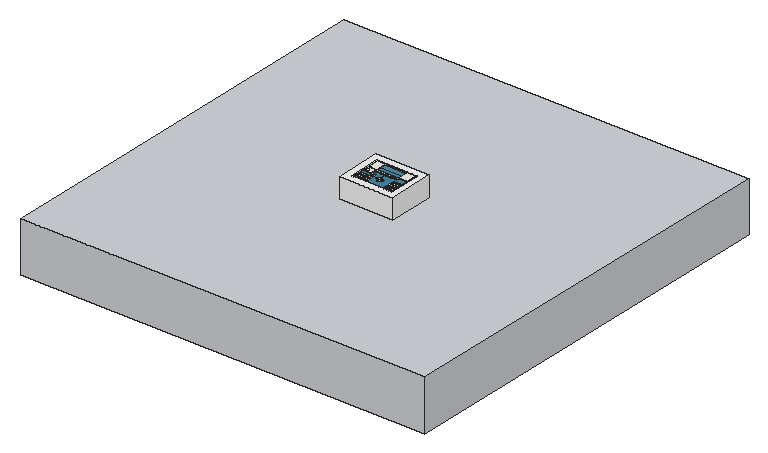
Revit family "Central algorítmica_Aguilera Electronica", category Equipos eléctricos, Revit 2017
Family settings
  Anfitrión = Cara
  Configuración de panel = Una columna
  Cota de conector redondo = Diámetro de uso
  Tipo de pieza = Cuadro de control
  Número OmniClass = 23.85.30.21.11.14
  Título OmniClass = Alarm Panels
  Corte con vacíos al cargar = No
  Compartido = No
  Punto de cálculo de habitación = No
Parameters (values of type "Central algorítmica de 1 bucle")
  Voltage = ""
  URL = "http://aguilera.es/?productos=central-de-1-bucle"
  Símbolo texto modelo = yes
  Símbolo = yes
  Potencia aparente = 460 VA
  Modelo = "AE/SA-C1"
  Potencial eléctrico = 230 V
  Fondo = 123 mm
  Fabricante = "Aguilera Electrónica"  # constant formula
  Elevación por defecto = 1200 mm
  Diámetro tubo = 20 mm
  Descripción = "Central inteligente de control de incendios con capacidad para 1 bucle de 125 equipos, al que se conectan los detectores, pulsadores, módulos de maniobras, de control y demás elementos que configuran la instalación.\r\nFuente de alimentación conmutada de 27.2 Vcc 2 A.\r\nCargador de baterías de emergencia.\r\nCapacidad para alojar dos baterías de 12V / 7 Ah.\r\nMedidas: Alto 274 - Ancho 322 Fondo 123 mm"
  Código de montaje = "D5030700"
  Comentarios de tipo = "• Dispone de 1 bucle de 125 equipos, al que se conectan los detectores, pulsadores, módulos de control\r\nde maniobras, y demás elementos que configuran la instalación.\r\n• Fuente de alimentación conmutada de 27.2 Vcc 2 A. Cargador de baterías de emergencia.\r\n• Capacidad para dos baterías de 12V / 7 Ah. Medidas: Alto 274 - Ancho 322 – Fondo 123 mm"
  Ancho = 322 mm
  Alto = 274 mm
Types (4, lengths in mm): name | URL | Potencia aparente | Modelo | Fondo | Descripción | Código de montaje | Comentarios de tipo | Ancho | Alto
  (no name) | "http://aguilera.es/?productos=central-de-1-bucle" | 460 VA | "AE/SA-C1" | 123 | "Central inteligente de control de incendios con capacidad para 1 bucle de 125 equipos, al que se conectan los detectores, pulsadores, módulos de maniobras, de control y demás elementos que configuran la instalación.\r\nFuente de alimentación conmutada de 27.2 Vcc 2 A.\r\nCargador de baterías de emergencia.\r\nCapacidad para alojar dos baterías de 12V / 7 Ah.\r\nMedidas: Alto 274 - Ancho 322 Fondo 123 mm" | "D5030700" | "• Dispone de 1 bucle de 125 equipos, al que se conectan los detectores, pulsadores, módulos de control\r\nde maniobras, y demás elementos que configuran la instalación.\r\n• Fuente de alimentación conmutada de 27.2 Vcc 2 A. Cargador de baterías de emergencia.\r\n• Capacidad para dos baterías de 12V / 7 Ah. Medidas: Alto 274 - Ancho 322 – Fondo 123 mm" | 322 | 274
  Central algorítmica de 1 bucle | "http://aguilera.es/?productos=central-de-1-bucle" | 460 VA | "AE/SA-C1" | 123 | "Central inteligente de control de incendios con capacidad para 1 bucle de 125 equipos, al que se conectan los detectores, pulsadores, módulos de maniobras, de control y demás elementos que configuran la instalación.\r\nFuente de alimentación conmutada de 27.2 Vcc 2 A.\r\nCargador de baterías de emergencia.\r\nCapacidad para alojar dos baterías de 12V / 7 Ah.\r\nMedidas: Alto 274 - Ancho 322 Fondo 123 mm" | "D5030700" | "• Dispone de 1 bucle de 125 equipos, al que se conectan los detectores, pulsadores, módulos de control\r\nde maniobras, y demás elementos que configuran la instalación.\r\n• Fuente de alimentación conmutada de 27.2 Vcc 2 A. Cargador de baterías de emergencia.\r\n• Capacidad para dos baterías de 12V / 7 Ah. Medidas: Alto 274 - Ancho 322 – Fondo 123 mm" | 322 | 274
  Central algorítmica de 2 bucles | "http://aguilera.es/?productos=central-de-2-bucles-a-2-hilos" | 920 VA | "AE/SA-C2" | 120 | "Central inteligente de control de incendios con capacidad para una tarjeta AE/SA-CTL de 2 blucles de 125 equipos cada uno, a los que se conectan los detectores, pulsadores, módulos de maniobras, de control y demás elementos que configuran la instalación. Capacidad de control de 250 equipos.\r\nFuente de alimentación conmutada de 27.2 Vcc 4 A.\r\nCargador de baterías de emergencia.\r\nCapacidad para alojar en su interior dos baterías de 12V / 7 Ah.\r\nMedidas: Alto 410 Ancho 310 - Fondo 120 mm." | 0 | "• Provista de una tarjeta AE/SA-CTL de 2 blucles de 125 equipos cada uno, a los que se conectan los detectores,\r\npulsadores, módulos de maniobras, de control y demás elementos que configuran la instalación. Capacidad\r\nde control de hasta 250 equipos.\r\n• Fuente de alimentación conmutada de 27.2 Vcc 4 A. Cargador de baterías de emergencia.\r\n• Capacidad para dos baterías de 12V / 7 Ah. Medidas: Alto 410 – Ancho 310 - Fondo 120 mm" | 310 | 410
  Central algorítmica de 8 bucles | "http://aguilera.es/?productos=centrales-de-2-bucles-a-2-hilos" | 920 VA | "AE/SA-C8" | 145 | "Central inteligente de control de incendios con bus para la conexión de 1 a 4 tarjetas AE/SA-CTL. Cada tarjeta controla dos bucles algorítmicos bidireccionales, con capacidad de 125 equipos cada uno, a los que se conectan los detectores, pulsadores, módulos de maniobras, de control y demás elementos que configuran la instalación.\r\nLa capacidad de control de la central se eleva a 1000 equipos, que dependiendo del tipo puede significar el control de más de 3000 puntos independientes. Para cada 250 equipos la central dispone de un microprocesador independiente. Fuente de alimentación conmutada independiente de 27,2 Vcc 4 A.\r\nCargador de baterías de emergencia. La central dispone de capacidad para alojar en su interior dos baterías de 12V / 17 Ah.\r\nMedidas: Alto 500 Ancho 390 Fondo 145 mm\r\nIncluye Tarjeta de bucles." | 0 | "Central inteligente de control de incendios con bus para la conexión de 1 a 4 tarjetas AE/SA-CTL. Cada tarjeta\r\ncontrola dos bucles algorítmicos bidireccionales, con capacidad de 125 equipos cada uno, a los que se\r\nconectan los detectores, pulsadores, módulos de maniobras, de control y demás elementos que configuran\r\nla instalación.\r\n• Capacidad de control de hasta 1000 equipos, que dependiendo del tipo puede significar el control de más\r\nde 3000 puntos independientes. Para cada 250 equipos la central dispone de un microprocesador independiente.\r\n• Fuente de alimentación conmutada independiente de 27,2 Vcc 4 A.\r\n• Cargador de baterías de emergencia. Capacidad para dos baterías de 12V / 17 Ah.\r\n• Medidas: Alto 500 – Ancho 390 – Fondo 145 mm" | 390 | 500
Reference planes
  plane 1 "Centro (Frontal/Posterior)": y = 0
  plane 2: z = 0
  plane 3 "Centro (Izquierda/Derecha)": x = 0
  plane 4: y = 137
  plane 5: y = -137
  plane 6: x = -161
  plane 7: x = 161
  plane 8: z = 123
  plane 9: z = 120
  plane 10: x = -121
  plane 11: x = 121
  plane 12: z = 117
Forms (mm)
  Extrusion 1, solid
    sketch origin (0, 0, 0) x (1, 0, 0) y (0, 1, 0)
      loop
        line (-1219.2, 1219.2) -> (-1219.2, -1219.2) -> (1219.2, -1219.2) -> (1219.2, 1219.2) -> (-1219.2, 1219.2)
    from 0 to -304.8
  Extrusion 2, solid, material "ABS Blanco"
    sketch origin (0, 0, 0) x (1, 0, 0) y (0, 1, 0)
      loop
        line (-161, -137) -> (161, -137) -> (161, 137) -> (-161, 137) -> (-161, -137)
      loop
        line (-121, -97) -> (121, -97) -> (121, 97) -> (-121, 97) -> (-121, -97)
    from 0 to 123
  Extrusion 3, solid, material "ABS Blanco"
    sketch origin (0, 0, 0) x (1, 0, 0) y (0, 1, 0)
      loop
        line (-121, 97) -> (-121, -97) -> (121, -97) -> (121, 97) -> (-121, 97)
    from 0 to 117
Cuts and joins
  joined: Extrusion 2, Extrusion 3
Lines and regions (mm)
  model lines, detail levels coarse
    curve 1: line (121, 97, 0) -> (121, -97, 0)
Dimensions and locks
  equal spacing: plane 5, plane 1 "Centro (Frontal/Posterior)", plane 4
  "Alto": plane 5 to plane 4
  equal spacing: plane 6, plane 3 "Centro (Izquierda/Derecha)", plane 7
  "Ancho": plane 6 to plane 7
  "Fondo": plane 8 to plane 2
  equal spacing: plane 10, plane 3 "Centro (Izquierda/Derecha)", plane 11, locked at 121 each
  equal spacing: Extrusion 2 sketch curve, plane 1 "Centro (Frontal/Posterior)", Extrusion 2 sketch curve, locked at 97 each
  locked: Extrusion 2 to Extrusion 2 at 194
  locked: plane 8 to plane 12 at 6
  locked: plane 8 to plane 9 at 3
  aligned and locked: plane 2 to Extrusion 1
  aligned and locked: level to Extrusion 1
  aligned and locked: plane 5 to Extrusion 2 sketch curve
  aligned and locked: Extrusion 2 sketch curve to plane 6
  aligned and locked: plane 4 to Extrusion 2 sketch curve
  aligned and locked: Extrusion 2 sketch curve to plane 7
  aligned and locked: plane 8 to Extrusion 2
  aligned and locked: Extrusion 2 sketch curve to plane 10
  aligned and locked: Extrusion 2 sketch curve to plane 11
  aligned and locked: Extrusion 3 to level
  aligned and locked: plane 12 to Extrusion 3
  aligned and locked: curve 1 to cut or joined group of Extrusion 2, Extrusion 3
Automatic sketch dimensions
  Extrusion 1 sketch curve to Extrusion 1 sketch curve = 2438.4 mm  (x2)
  Extrusion 2 sketch curve to plane 5 = 40 mm
  Extrusion 3 sketch curve to plane 10 = 0 mm
  Extrusion 3 sketch curve to plane 11 = 0 mm
  Extrusion 3 sketch curve to plane 5 = 40 mm
  Extrusion 3 sketch curve to plane 4 = 40 mm
  curve 1 to plane 4 = 40 mm
  curve 1 to plane 5 = 40 mm
Nested families
  nested 1: "Panel central algorítmica" at (-0.158, 0, 117), type "Panel central algorítmica", detail levels fine
  nested 2: "S_Central algorítmica_Aguilera Electronica" at (0, 0, 0), visible <- "Símbolo", type "S_Central algorítmica_Aguilera Electronica"
Connectors
  electrical at (0, 0, 0), driven by "Modelo", driven by "Potencial eléctrico", driven by "Potencia aparente"
    settings: on cut or joined group of Extrusion 2, Extrusion 3, index 3, voltage 230 V, apparent load 460 VA, apparent load phase1 0 VA, apparent load phase2 0 VA, apparent load phase3 0 VA, power factor 1, load classification "Potencia", number of poles 1, system type 30, power factor state 1, is connector primary yes, connector utility no, sub classification motor no, connector description "AE/SA-C1"
  cabletrayconduit at (0, 0, 0), diameter 20, driven by "Diámetro tubo", driven by "Modelo"
    settings: on cut or joined group of Extrusion 2, Extrusion 3, index 4, connector width 300 mm, connector height 300 mm, connector angle 0.00°, system type 32, placement type 0, profile type 0, connector reference index -1, is primary connector yes, connector utility param no, connector description "AE/SA-C1"
Definition of nested family "Panel central algorítmica"
  Parameters (values of type "Panel central algorítmica")
    Default Elevation = 1219.2 mm
  Reference planes
    plane 1 "Centro (Frontal/Posterior)": y = 0
    plane 2: z = 0
    plane 3 "Centro (Izquierda/Derecha)": x = 0
  Forms (mm)
    Extrusion 1, solid
      sketch origin (0, 0, 0) x (1, 0, 0) y (0, 1, 0)
        loop
          line (-1219.2, 1219.2) -> (-1219.2, -1219.2) -> (1219.2, -1219.2) -> (1219.2, 1219.2) -> (-1219.2, 1219.2)
      from 0 to -304.8
    Extrusion 2, solid
      sketch origin (0.158, 0, 3) x (1, 0, 0) y (0, 1, 0)
        loop
          line (-65, 47.886) -> (65, 47.886) -> (65, 82.886) -> (-65, 82.886) -> (-65, 47.886)
        loop
          circle (-98.53, 0) r 10
      from 0 to 2
    Extrusion 3, solid
      sketch origin (0.158, 0, 3) x (1, 0, 0) y (0, 1, 0)
        loop
          line (-67.004, 93.586) -> (-116.363, 93.586) -> (-116.363, 28.266) -> (-67.004, 28.266) -> (-67.004, 93.586)
        loop
          line (-116.363, 25.853) -> (-116.363, -14.293) -> (-67.004, -14.293) -> (-67.004, 25.853) -> (-116.363, 25.853)
        loop
          line (67.004, 93.586) -> (67.004, 28.266) -> (116.534, 28.266) -> (116.534, 93.586) -> (67.004, 93.586)
        loop
          line (67.004, -25.756) -> (82.004, -25.756) -> (82.004, -10.756) -> (67.004, -10.756) -> (67.004, -25.756)
        loop
          line (84.269, -25.756) -> (99.269, -25.756) -> (99.269, -10.756) -> (84.269, -10.756) -> (84.269, -25.756)
        loop
          line (101.534, -25.756) -> (116.534, -25.756) -> (116.534, -10.756) -> (101.534, -10.756) -> (101.534, -25.756)
        loop
          line (67.004, -42.707) -> (82.004, -42.707) -> (82.004, -27.707) -> (67.004, -27.707) -> (67.004, -42.707)
        loop
          line (84.269, -42.707) -> (99.269, -42.707) -> (99.269, -27.707) -> (84.269, -27.707) -> (84.269, -42.707)
        loop
          line (101.534, -42.707) -> (116.534, -42.707) -> (116.534, -27.707) -> (101.534, -27.707) -> (101.534, -42.707)
        loop
          line (67.004, -59.657) -> (82.004, -59.657) -> (82.004, -44.657) -> (67.004, -44.657) -> (67.004, -59.657)
        loop
          line (84.269, -59.657) -> (99.269, -59.657) -> (99.269, -44.657) -> (84.269, -44.657) -> (84.269, -59.657)
        loop
          line (101.534, -59.657) -> (116.534, -59.657) -> (116.534, -44.657) -> (101.534, -44.657) -> (101.534, -59.657)
        loop
          line (67.004, -76.608) -> (82.004, -76.608) -> (82.004, -61.608) -> (67.004, -61.608) -> (67.004, -76.608)
        loop
          line (84.269, -76.608) -> (99.269, -76.608) -> (99.269, -61.608) -> (84.269, -61.608) -> (84.269, -76.608)
        loop
          line (101.534, -76.608) -> (116.534, -76.608) -> (116.534, -61.608) -> (101.534, -61.608) -> (101.534, -76.608)
        loop
          line (-7.5, -25.756) -> (7.5, -25.756) -> (0, -10.756) -> (-7.5, -25.756)
        loop
          line (-24.765, -35.207) -> (-9.765, -42.707) -> (-9.765, -27.707) -> (-24.765, -35.207)
        loop
          line (-7.5, -42.707) -> (7.5, -42.707) -> (7.5, -27.707) -> (-7.5, -27.707) -> (-7.5, -42.707)
        loop
          line (9.765, -42.707) -> (24.765, -35.207) -> (9.765, -27.707) -> (9.765, -42.707)
        loop
          line (-7.5, -44.657) -> (0, -59.657) -> (7.5, -44.657) -> (-7.5, -44.657)
        loop
          line (-59.865, -10.756) -> (-59.865, -25.756) -> (-40.835, -25.756) -> (-40.835, -10.756) -> (-59.865, -10.756)
        loop
          line (-73.1, -76.496) -> (-40.835, -76.496) -> (-40.835, -61.496) -> (-73.1, -61.496) -> (-73.1, -76.496)
        loop
          line (-73.1, -51.784) -> (-40.835, -51.784) -> (-40.835, -36.784) -> (-73.1, -36.784) -> (-73.1, -51.784)
        loop
          line (-113.652, -76.496) -> (-81.387, -76.496) -> (-81.387, -61.496) -> (-113.652, -61.496) -> (-113.652, -76.496)
        loop
          line (-113.652, -51.784) -> (-81.387, -51.784) -> (-81.387, -36.784) -> (-113.652, -36.784) -> (-113.652, -51.784)
        loop
          line (-61.217, 25.853) -> (-61.217, 12.194) -> (-32.832, 12.194) -> (-32.832, 25.853) -> (-61.217, 25.853)
        loop
          line (-30.342, 25.853) -> (-30.342, 12.194) -> (-0.96, 12.194) -> (-0.96, 25.853) -> (-30.342, 25.853)
        loop
          line (1.531, 25.853) -> (1.531, 12.194) -> (30.913, 12.194) -> (30.913, 25.853) -> (1.531, 25.853)
        loop
          line (33.404, 25.853) -> (33.404, 12.194) -> (62.786, 12.194) -> (62.786, 25.853) -> (33.404, 25.853)
      from 0 to 1
    Extrusion 4, solid
      sketch origin (0.158, 0, -117) x (1, 0, 0) y (0, 1, 0)
        loop
          line (-121, 97) -> (-121, -97) -> (121, -97) -> (121, 97) -> (-121, 97)
      from 117 to 120
  Dimensions and locks
    Extrusion 3 to Extrusion 3 = 134.008 mm
    aligned and locked: plane 2 to Extrusion 1
    aligned and locked: level to Extrusion 1
    aligned and locked: Extrusion 3 sketch curve to Extrusion 3 sketch curve  (x3)
    aligned and locked: Extrusion 3 to Extrusion 2
    aligned and locked: Extrusion 4 to Extrusion 2
Definition of nested family "S_Central algorítmica_Aguilera Electronica"
  Parameters (values of type "S_Central algorítmica_Aguilera Electronica")
    Texto símbolo = "Central algoritmica"
    Texto modelo = yes
    Modelo = "Central algoritmica"
  Reference planes
    plane 1: y = 0
    plane 2: x = 0
  Lines and regions (mm)
    detail lines
      curve 1: line (-6.104, -5.498, 0) -> (6.104, -5.498, 0)
      curve 2: line (-6.104, 5.498, 0) -> (-6.104, -5.498, 0)
      curve 3: line (6.104, 5.498, 0) -> (-6.104, 5.498, 0)
      curve 4: line (6.104, -5.498, 0) -> (6.104, 5.498, 0)
  Text (mm)
    label "Texto símbolo" at (-0.164, 2.864, 0), shows "Texto símbolo"
    label "Modelo" at (-0.164, -2.652, 0), shows "Modelo", visible <- "Texto modelo"
